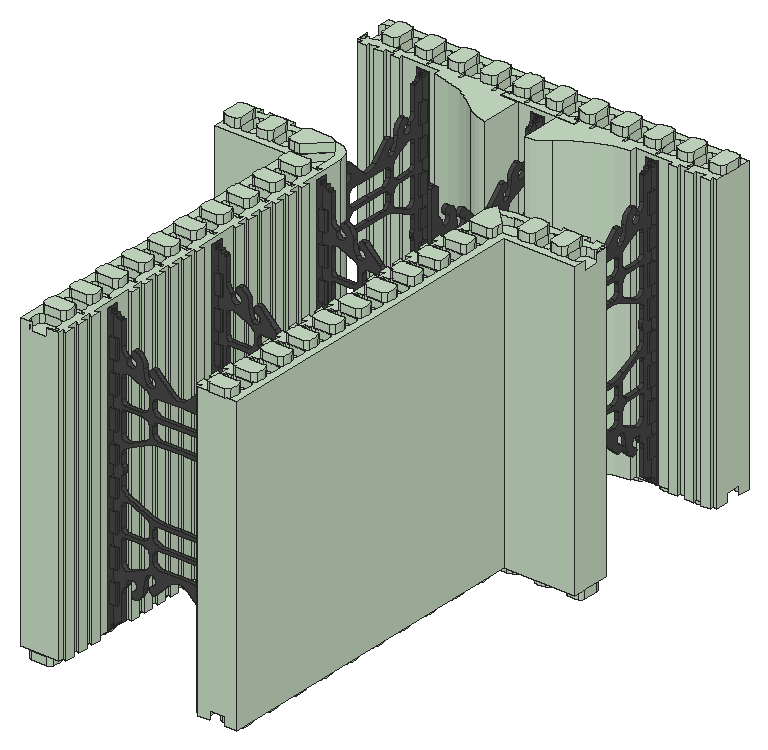
Revit family (continued)
Definition of nested family "8-inch Insert Web"
  Forms (in)
    Extrusion 2, solid, material "High Density Polystyrene"
      sketch origin (0, 0, 0) x (0, 1, 0) y (0, 0, 1)
        loop
          arc (4.18889, 17.40785) -> (4.20374, 17.40241) -> (4.21, 17.38789) r 0.02
          line (4.21, 17.38789) -> (4.21, 17.63668)
          arc (4.21, 17.63668) -> (4.20585, 17.62147) -> (4.19457, 17.61045) r 0.03
          line (4.19457, 17.61045) -> (4.12543, 17.57204)
          arc (4.12543, 17.57204) -> (4.11414, 17.56103) -> (4.11, 17.54582) r 0.03
          line (4.11, 17.54582) -> (4.11, 17.42461)
          arc (4.11, 17.42461) -> (4.11625, 17.41008) -> (4.13111, 17.40464) r 0.02
          line (4.13111, 17.40464) -> (4.18889, 17.40785)
        loop
          line (-4.12543, 17.57204) -> (-4.19457, 17.61045)
          arc (-4.19457, 17.61045) -> (-4.20585, 17.62147) -> (-4.21, 17.63668) r 0.03
          line (-4.21, 17.63668) -> (-4.21, 17.38789)
          arc (-4.21, 17.38789) -> (-4.20374, 17.40241) -> (-4.18889, 17.40785) r 0.02
          line (-4.18889, 17.40785) -> (-4.13111, 17.40464)
          arc (-4.13111, 17.40464) -> (-4.11625, 17.41008) -> (-4.11, 17.42461) r 0.02
          line (-4.11, 17.42461) -> (-4.11, 17.54582)
          arc (-4.11, 17.54582) -> (-4.11414, 17.56103) -> (-4.12543, 17.57204) r 0.03
        loop
          line (4.18889, 0.33798) -> (4.13111, 0.34119)
          arc (4.13111, 0.34119) -> (4.11625, 0.33575) -> (4.11, 0.32122) r 0.02
          line (4.11, 0.32122) -> (4.11, 0.20001)
          arc (4.11, 0.20001) -> (4.11414, 0.1848) -> (4.12543, 0.17379) r 0.03
          line (4.12543, 0.17379) -> (4.19457, 0.13538)
          arc (4.19457, 0.13538) -> (4.20585, 0.12437) -> (4.21, 0.10915) r 0.03
          line (4.21, 0.10915) -> (4.21, 0.35795)
          arc (4.21, 0.35795) -> (4.20374, 0.34342) -> (4.18889, 0.33798) r 0.02
        loop
          arc (-4.12543, 0.17379) -> (-4.11414, 0.1848) -> (-4.11, 0.20001) r 0.03
          line (-4.11, 0.20001) -> (-4.11, 0.32122)
          arc (-4.11, 0.32122) -> (-4.11625, 0.33575) -> (-4.13111, 0.34119) r 0.02
          line (-4.13111, 0.34119) -> (-4.18889, 0.33798)
          arc (-4.18889, 0.33798) -> (-4.20374, 0.34342) -> (-4.21, 0.35795) r 0.02
          line (-4.21, 0.35795) -> (-4.21, 0.10915)
          arc (-4.21, 0.10915) -> (-4.20585, 0.12437) -> (-4.19457, 0.13538) r 0.03
          line (-4.19457, 0.13538) -> (-4.12543, 0.17379)
        loop
          line (4, 17.20772) -> (3.925, 17.43772)
          arc (3.925, 17.43772) -> (3.875, 17.46772) -> (3.825, 17.43772) r 0.05667
          line (3.825, 17.43772) -> (3.77609, 17.28772) -> (3.64893, 17.28772)
          arc (3.64893, 17.28772) -> (3.61433, 17.27339) -> (3.6, 17.2388) r 0.04893
          line (3.6, 17.2388) -> (3.6, 17.20772) -> (3.5, 17.20772) -> (3.5, 15.75595)
          arc (3.5, 15.75595) -> (3.43087, 15.489) -> (3.24086, 15.28915) r 0.55
          arc (3.24086, 15.28915) -> (3.19232, 15.23289) -> (3.1843, 15.15901) r 0.125
          arc (3.1843, 15.15901) -> (2.73923, 14.83241) -> (2.77171, 15.3835) r 0.305
          arc (2.77171, 15.3835) -> (2.89426, 15.66948) -> (2.60829, 15.79202) r 0.22
          arc (2.60829, 15.79202) -> (2.25428, 15.49683) -> (2.14171, 15.04986) r 0.745
          arc (2.14171, 15.04986) -> (2.09808, 14.63491) -> (1.96932, 14.23805) r 2
          arc (1.96932, 14.23805) -> (1.47025, 14.23431) -> (1.63581, 14.70513) r 0.305
          arc (1.63581, 14.70513) -> (1.78874, 15.03658) -> (1.43743, 15.1357) r 0.24
          line (1.43743, 15.1357) -> (0.53033, 14.22861)
          arc (0.53033, 14.22861) -> (0, 14.00894) -> (-0.53033, 14.22861) r 0.75
          line (-0.53033, 14.22861) -> (-1.43743, 15.1357)
          arc (-1.43743, 15.1357) -> (-1.78874, 15.03658) -> (-1.63581, 14.70513) r 0.24
          arc (-1.63581, 14.70513) -> (-1.47025, 14.23431) -> (-1.96932, 14.23805) r 0.305
          arc (-1.96932, 14.23805) -> (-2.09808, 14.63491) -> (-2.14171, 15.04986) r 2
          arc (-2.14171, 15.04986) -> (-2.25428, 15.49683) -> (-2.60829, 15.79202) r 0.745
          arc (-2.60829, 15.79202) -> (-2.89426, 15.66948) -> (-2.77171, 15.3835) r 0.22
          arc (-2.77171, 15.3835) -> (-2.73923, 14.83241) -> (-3.1843, 15.15901) r 0.305
          arc (-3.1843, 15.15901) -> (-3.19232, 15.23289) -> (-3.24086, 15.28915) r 0.125
          arc (-3.24086, 15.28915) -> (-3.43087, 15.489) -> (-3.5, 15.75595) r 0.55
          line (-3.5, 15.75595) -> (-3.5, 17.20772) -> (-3.6, 17.20772) -> (-3.6, 17.2388)
          arc (-3.6, 17.2388) -> (-3.61433, 17.27339) -> (-3.64893, 17.28772) r 0.04893
          line (-3.64893, 17.28772) -> (-3.77609, 17.28772) -> (-3.825, 17.43772)
          arc (-3.825, 17.43772) -> (-3.875, 17.46772) -> (-3.925, 17.43772) r 0.05667
          line (-3.925, 17.43772) -> (-4, 17.20772) -> (-4, 0.66519) -> (-3.925, 0.43519)
          arc (-3.925, 0.43519) -> (-3.875, 0.40519) -> (-3.825, 0.43519) r 0.05667
          line (-3.825, 0.43519) -> (-3.77609, 0.58519) -> (-3.64893, 0.58519)
          arc (-3.64893, 0.58519) -> (-3.61433, 0.59952) -> (-3.6, 0.63412) r 0.04893
          line (-3.6, 0.63412) -> (-3.6, 0.66519) -> (-3.5, 0.66519) -> (-3.5, 2.24405)
          arc (-3.5, 2.24405) -> (-3.43087, 2.511) -> (-3.24086, 2.71085) r 0.55
          arc (-3.24086, 2.71085) -> (-3.19232, 2.76711) -> (-3.1843, 2.84099) r 0.125
          arc (-3.1843, 2.84099) -> (-2.73923, 3.16759) -> (-2.77171, 2.6165) r 0.305
          arc (-2.77171, 2.6165) -> (-2.89426, 2.33052) -> (-2.60829, 2.20798) r 0.22
          arc (-2.60829, 2.20798) -> (-2.25428, 2.50317) -> (-2.14171, 2.95014) r 0.745
          arc (-2.14171, 2.95014) -> (-2.09808, 3.36509) -> (-1.96932, 3.76195) r 2
          arc (-1.96932, 3.76195) -> (-1.47025, 3.76569) -> (-1.63581, 3.29487) r 0.305
          arc (-1.63581, 3.29487) -> (-1.78874, 2.96342) -> (-1.43743, 2.8643) r 0.24
          line (-1.43743, 2.8643) -> (-0.53033, 3.77139)
          arc (-0.53033, 3.77139) -> (0, 3.99106) -> (0.53033, 3.77139) r 0.75
          line (0.53033, 3.77139) -> (1.43743, 2.8643)
          arc (1.43743, 2.8643) -> (1.78874, 2.96342) -> (1.63581, 3.29487) r 0.24
          arc (1.63581, 3.29487) -> (1.47025, 3.76569) -> (1.96932, 3.76195) r 0.305
          arc (1.96932, 3.76195) -> (2.09808, 3.36509) -> (2.14171, 2.95014) r 2
          arc (2.14171, 2.95014) -> (2.25428, 2.50317) -> (2.60829, 2.20798) r 0.745
          arc (2.60829, 2.20798) -> (2.89426, 2.33052) -> (2.77171, 2.6165) r 0.22
          arc (2.77171, 2.6165) -> (2.73923, 3.16759) -> (3.1843, 2.84099) r 0.305
          arc (3.1843, 2.84099) -> (3.19232, 2.76711) -> (3.24086, 2.71085) r 0.125
          arc (3.24086, 2.71085) -> (3.43087, 2.511) -> (3.5, 2.24405) r 0.55
          line (3.5, 2.24405) -> (3.5, 0.66519) -> (3.6, 0.66519) -> (3.6, 0.63412)
          arc (3.6, 0.63412) -> (3.61433, 0.59952) -> (3.64893, 0.58519) r 0.04893
          line (3.64893, 0.58519) -> (3.77609, 0.58519) -> (3.825, 0.43519)
          arc (3.825, 0.43519) -> (3.875, 0.40519) -> (3.925, 0.43519) r 0.05667
          line (3.925, 0.43519) -> (4, 0.66519) -> (4, 17.20772)
        loop
          line (2.96605, 14.38264) -> (2.08806, 13.97174)
          arc (2.08806, 13.97174) -> (1.87812, 13.78724) -> (1.8, 13.51888) r 0.5
          line (1.8, 13.51888) -> (1.8, 13.10798)
          arc (1.8, 13.10798) -> (1.94645, 12.75443) -> (2.3, 12.60798) r 0.5
          line (2.3, 12.60798) -> (3.25, 12.60798)
          arc (3.25, 12.60798) -> (3.42678, 12.6812) -> (3.5, 12.85798) r 0.25
          line (3.5, 12.85798) -> (3.5, 14.04299)
          arc (3.5, 14.04299) -> (3.32627, 14.35941) -> (2.96605, 14.38264) r 0.375
        loop
          line (1.6, 12.98298) -> (1.6, 13.39222)
          arc (1.6, 13.39222) -> (1.48146, 13.58635) -> (1.30123, 13.72512) r 0.62421
          arc (1.30123, 13.72512) -> (1.16288, 13.71227) -> (1.02401, 13.70798) r 2.25
          line (1.02401, 13.70798) -> (0, 13.70798) -> (-1.02401, 13.70798)
          arc (-1.02401, 13.70798) -> (-1.16288, 13.71227) -> (-1.30123, 13.72512) r 2.25
          arc (-1.30123, 13.72512) -> (-1.48146, 13.58635) -> (-1.6, 13.39222) r 0.62421
          line (-1.6, 13.39222) -> (-1.6, 12.98298)
          arc (-1.6, 12.98298) -> (-1.45481, 12.75317) -> (-1.225, 12.60798) r 0.61747
          line (-1.225, 12.60798) -> (0, 12.60798) -> (1.225, 12.60798)
          arc (1.225, 12.60798) -> (1.45481, 12.75317) -> (1.6, 12.98298) r 0.61747
        loop
          line (-2.08806, 13.97174) -> (-2.96605, 14.38264)
          arc (-2.96605, 14.38264) -> (-3.32627, 14.35941) -> (-3.5, 14.04299) r 0.375
          line (-3.5, 14.04299) -> (-3.5, 12.85798)
          arc (-3.5, 12.85798) -> (-3.42678, 12.6812) -> (-3.25, 12.60798) r 0.25
          line (-3.25, 12.60798) -> (-2.3, 12.60798)
          arc (-2.3, 12.60798) -> (-1.94645, 12.75443) -> (-1.8, 13.10798) r 0.5
          line (-1.8, 13.10798) -> (-1.8, 13.41478) -> (-1.8, 13.51888)
          arc (-1.8, 13.51888) -> (-1.87812, 13.78724) -> (-2.08806, 13.97174) r 0.5
        loop
          arc (2.96605, 10.65332) -> (3.32627, 10.67655) -> (3.5, 10.99296) r 0.375
          line (3.5, 10.99296) -> (3.5, 12.17798)
          arc (3.5, 12.17798) -> (3.42678, 12.35476) -> (3.25, 12.42798) r 0.25
          line (3.25, 12.42798) -> (2.3, 12.42798)
          arc (2.3, 12.42798) -> (1.94645, 12.28153) -> (1.8, 11.92798) r 0.5
          line (1.8, 11.92798) -> (1.8, 11.51707)
          arc (1.8, 11.51707) -> (1.87812, 11.24872) -> (2.08806, 11.06421) r 0.5
          line (2.08806, 11.06421) -> (2.96605, 10.65332)
        loop
          arc (1.6, 12.05298) -> (1.45481, 12.28279) -> (1.225, 12.42798) r 0.61747
          line (1.225, 12.42798) -> (0, 12.42798) -> (-1.225, 12.42798)
          arc (-1.225, 12.42798) -> (-1.45481, 12.28279) -> (-1.6, 12.05298) r 0.61747
          line (-1.6, 12.05298) -> (-1.6, 11.64374)
          arc (-1.6, 11.64374) -> (-1.48146, 11.4496) -> (-1.30123, 11.31084) r 0.62421
          arc (-1.30123, 11.31084) -> (-1.16288, 11.32369) -> (-1.02401, 11.32798) r 2.25
          line (-1.02401, 11.32798) -> (0, 11.32798) -> (1.02401, 11.32798)
          arc (1.02401, 11.32798) -> (1.16288, 11.32369) -> (1.30123, 11.31084) r 2.25
          arc (1.30123, 11.31084) -> (1.48146, 11.4496) -> (1.6, 11.64374) r 0.62421
          line (1.6, 11.64374) -> (1.6, 12.05298)
        loop
          arc (-2.08806, 11.06421) -> (-1.87812, 11.24872) -> (-1.8, 11.51707) r 0.5
          line (-1.8, 11.51707) -> (-1.8, 11.62118) -> (-1.8, 11.92798)
          arc (-1.8, 11.92798) -> (-1.94645, 12.28153) -> (-2.3, 12.42798) r 0.5
          line (-2.3, 12.42798) -> (-3.25, 12.42798)
          arc (-3.25, 12.42798) -> (-3.42678, 12.35476) -> (-3.5, 12.17798) r 0.25
          line (-3.5, 12.17798) -> (-3.5, 10.99296)
          arc (-3.5, 10.99296) -> (-3.32627, 10.67655) -> (-2.96605, 10.65332) r 0.375
          line (-2.96605, 10.65332) -> (-2.08806, 11.06421)
        loop
          line (3.21194, 10.33912) -> (1.95372, 10.92796)
          arc (1.95372, 10.92796) -> (1.48851, 11.08642) -> (1, 11.14009) r 2.25
          line (1, 11.14009) -> (0, 11.14009) -> (-1, 11.14009)
          arc (-1, 11.14009) -> (-1.48851, 11.08642) -> (-1.95372, 10.92796) r 2.25
          line (-1.95372, 10.92796) -> (-3.21194, 10.33912)
          arc (-3.21194, 10.33912) -> (-3.42188, 10.15462) -> (-3.5, 9.88626) r 0.5
          line (-3.5, 9.88626) -> (-3.5, 9.31235) -> (-3.38, 9.11235) -> (-3.38, 9) -> (-3.38, 8.88765) -> (-3.5, 8.68765) -> (-3.5, 8.11374)
          arc (-3.5, 8.11374) -> (-3.42188, 7.84538) -> (-3.21194, 7.66088) r 0.5
          line (-3.21194, 7.66088) -> (-1.95372, 7.07204)
          arc (-1.95372, 7.07204) -> (-1.48851, 6.91358) -> (-1, 6.85991) r 2.25
          line (-1, 6.85991) -> (0, 6.85991) -> (1, 6.85991)
          arc (1, 6.85991) -> (1.48851, 6.91358) -> (1.95372, 7.07204) r 2.25
          line (1.95372, 7.07204) -> (3.21194, 7.66088)
          arc (3.21194, 7.66088) -> (3.42188, 7.84538) -> (3.5, 8.11374) r 0.5
          line (3.5, 8.11374) -> (3.5, 8.68765) -> (3.38, 8.88765) -> (3.38, 9) -> (3.38, 9.11235) -> (3.5, 9.31235) -> (3.5, 9.88626)
          arc (3.5, 9.88626) -> (3.42188, 10.15462) -> (3.21194, 10.33912) r 0.5
        loop
          arc (2.96605, 3.61736) -> (3.32627, 3.64059) -> (3.5, 3.95701) r 0.375
          line (3.5, 3.95701) -> (3.5, 5.14202)
          arc (3.5, 5.14202) -> (3.42678, 5.3188) -> (3.25, 5.39202) r 0.25
          line (3.25, 5.39202) -> (2.3, 5.39202)
          arc (2.3, 5.39202) -> (1.94645, 5.24557) -> (1.8, 4.89202) r 0.5
          line (1.8, 4.89202) -> (1.8, 4.48112)
          arc (1.8, 4.48112) -> (1.87812, 4.21276) -> (2.08806, 4.02826) r 0.5
          line (2.08806, 4.02826) -> (2.96605, 3.61736)
        loop
          arc (1.6, 5.01702) -> (1.45481, 5.24683) -> (1.225, 5.39202) r 0.61747
          line (1.225, 5.39202) -> (0, 5.39202) -> (-1.225, 5.39202)
          arc (-1.225, 5.39202) -> (-1.45481, 5.24683) -> (-1.6, 5.01702) r 0.61747
          line (-1.6, 5.01702) -> (-1.6, 4.60778)
          arc (-1.6, 4.60778) -> (-1.48146, 4.41365) -> (-1.30123, 4.27488) r 0.62421
          arc (-1.30123, 4.27488) -> (-1.16288, 4.28773) -> (-1.02401, 4.29202) r 2.25
          line (-1.02401, 4.29202) -> (0, 4.29202) -> (1.02401, 4.29202)
          arc (1.02401, 4.29202) -> (1.16288, 4.28773) -> (1.30123, 4.27488) r 2.25
          arc (1.30123, 4.27488) -> (1.48146, 4.41365) -> (1.6, 4.60778) r 0.62421
          line (1.6, 4.60778) -> (1.6, 5.01702)
        loop
          arc (-2.08806, 4.02826) -> (-1.87812, 4.21276) -> (-1.8, 4.48112) r 0.5
          line (-1.8, 4.48112) -> (-1.8, 4.58522) -> (-1.8, 4.89202)
          arc (-1.8, 4.89202) -> (-1.94645, 5.24557) -> (-2.3, 5.39202) r 0.5
          line (-2.3, 5.39202) -> (-3.25, 5.39202)
          arc (-3.25, 5.39202) -> (-3.42678, 5.3188) -> (-3.5, 5.14202) r 0.25
          line (-3.5, 5.14202) -> (-3.5, 3.95701)
          arc (-3.5, 3.95701) -> (-3.32627, 3.64059) -> (-2.96605, 3.61736) r 0.375
          line (-2.96605, 3.61736) -> (-2.08806, 4.02826)
        loop
          line (2.96605, 7.34668) -> (2.08806, 6.93579)
          arc (2.08806, 6.93579) -> (1.87812, 6.75128) -> (1.8, 6.48293) r 0.5
          line (1.8, 6.48293) -> (1.8, 6.07202)
          arc (1.8, 6.07202) -> (1.94645, 5.71847) -> (2.3, 5.57202) r 0.5
          line (2.3, 5.57202) -> (3.25, 5.57202)
          arc (3.25, 5.57202) -> (3.42678, 5.64524) -> (3.5, 5.82202) r 0.25
          line (3.5, 5.82202) -> (3.5, 7.00704)
          arc (3.5, 7.00704) -> (3.32627, 7.32345) -> (2.96605, 7.34668) r 0.375
        loop
          line (1.6, 5.94702) -> (1.6, 6.35626)
          arc (1.6, 6.35626) -> (1.48146, 6.5504) -> (1.30123, 6.68916) r 0.62421
          arc (1.30123, 6.68916) -> (1.16288, 6.67631) -> (1.02401, 6.67202) r 2.25
          line (1.02401, 6.67202) -> (0, 6.67202) -> (-1.02401, 6.67202)
          arc (-1.02401, 6.67202) -> (-1.16288, 6.67631) -> (-1.30123, 6.68916) r 2.25
          arc (-1.30123, 6.68916) -> (-1.48146, 6.5504) -> (-1.6, 6.35626) r 0.62421
          line (-1.6, 6.35626) -> (-1.6, 5.94702)
          arc (-1.6, 5.94702) -> (-1.45481, 5.71721) -> (-1.225, 5.57202) r 0.61747
          line (-1.225, 5.57202) -> (0, 5.57202) -> (1.225, 5.57202)
          arc (1.225, 5.57202) -> (1.45481, 5.71721) -> (1.6, 5.94702) r 0.61747
        loop
          line (-2.08806, 6.93579) -> (-2.96605, 7.34668)
          arc (-2.96605, 7.34668) -> (-3.32627, 7.32345) -> (-3.5, 7.00704) r 0.375
          line (-3.5, 7.00704) -> (-3.5, 5.82202)
          arc (-3.5, 5.82202) -> (-3.42678, 5.64524) -> (-3.25, 5.57202) r 0.25
          line (-3.25, 5.57202) -> (-2.3, 5.57202)
          arc (-2.3, 5.57202) -> (-1.94645, 5.71847) -> (-1.8, 6.07202) r 0.5
          line (-1.8, 6.07202) -> (-1.8, 6.37882) -> (-1.8, 6.48293)
          arc (-1.8, 6.48293) -> (-1.87812, 6.75128) -> (-2.08806, 6.93579) r 0.5
      from 0.125 to -0.125
    Extrusion 3, solid, material "High Density Polystyrene"
      sketch origin (0, 0, 0) x (0, 1, 0) y (0, 0, 1)
        loop
          line (4.21, 16.17792) -> (3.71, 16.17792) -> (3.71, 14.97792) -> (4.21, 14.97792) -> (4.21, 16.17792)
        loop
          line (4.21, 14.22792) -> (3.71, 14.22792) -> (3.71, 13.02792) -> (4.21, 13.02792) -> (4.21, 14.22792)
        loop
          line (4.21, 12.27792) -> (3.71, 12.27792) -> (3.71, 11.07792) -> (4.21, 11.07792) -> (4.21, 12.27792)
        loop
          line (4.21, 10.32792) -> (3.71, 10.32792) -> (3.71, 9.24792) -> (4.21, 9.24792) -> (4.21, 10.32792)
        loop
          line (4.21, 8.49792) -> (3.71, 8.49792) -> (3.71, 7.41792) -> (4.21, 7.41792) -> (4.21, 8.49792)
        loop
          line (4.21, 6.66792) -> (3.71, 6.66792) -> (3.71, 5.46792) -> (4.21, 5.46792) -> (4.21, 6.66792)
        loop
          line (4.21, 4.71792) -> (3.71, 4.71792) -> (3.71, 3.51792) -> (4.21, 3.51792) -> (4.21, 4.71792)
        loop
          line (4.21, 2.76792) -> (3.71, 2.76792) -> (3.71, 1.56792) -> (4.21, 1.56792) -> (4.21, 2.76792)
        loop
          line (-4.21, 16.17792) -> (-4.21, 14.97792) -> (-3.71, 14.97792) -> (-3.71, 16.17792) -> (-4.21, 16.17792)
        loop
          line (-4.21, 14.22792) -> (-4.21, 13.02792) -> (-3.71, 13.02792) -> (-3.71, 14.22792) -> (-4.21, 14.22792)
        loop
          line (-4.21, 12.27792) -> (-4.21, 11.07792) -> (-3.71, 11.07792) -> (-3.71, 12.27792) -> (-4.21, 12.27792)
        loop
          line (-4.21, 10.32792) -> (-4.21, 9.24792) -> (-3.71, 9.24792) -> (-3.71, 10.32792) -> (-4.21, 10.32792)
        loop
          line (-4.21, 8.49792) -> (-4.21, 7.41792) -> (-3.71, 7.41792) -> (-3.71, 8.49792) -> (-4.21, 8.49792)
        loop
          line (-4.21, 6.66792) -> (-4.21, 5.46792) -> (-3.71, 5.46792) -> (-3.71, 6.66792) -> (-4.21, 6.66792)
        loop
          line (-4.21, 4.71792) -> (-4.21, 3.51792) -> (-3.71, 3.51792) -> (-3.71, 4.71792) -> (-4.21, 4.71792)
        loop
          line (-4.21, 2.76792) -> (-4.21, 1.56792) -> (-3.71, 1.56792) -> (-3.71, 2.76792) -> (-4.21, 2.76792)
      from 0.25 to -0.25
    Extrusion 4, void
      sketch origin (0, 1, 0) x (1, 0, 0) y (0, 1, 0)
        loop
          line (-0.25, 2.79249) -> (-0.25, 2.71) -> (-0.1675, 2.71)
          arc (-0.1675, 2.71) -> (-0.22584, 2.73416) -> (-0.25, 2.79249) r 0.0825
      from 0 to 18
    Extrusion 5, void
      sketch origin (0, 1, 0) x (-1, 0, 0) y (0, -1, 0)
        loop
          arc (-0.25, -2.79249) -> (-0.22584, -2.73416) -> (-0.1675, -2.71) r 0.0825
          line (-0.1675, -2.71) -> (-0.25, -2.71) -> (-0.25, -2.79249)
      from 0 to 18
    Extrusion 6, void
      sketch origin (0, -1, 0) x (1, 0, 0) y (0, 1, 0)
        loop
          arc (-0.25, -2.79249) -> (-0.22584, -2.73416) -> (-0.1675, -2.71) r 0.0825
          line (-0.1675, -2.71) -> (-0.25, -2.71) -> (-0.25, -2.79249)
      from 0 to 18
    Extrusion 7, void
      sketch origin (0, -1, 0) x (-1, 0, 0) y (0, -1, 0)
        loop
          line (-0.25, 2.79249) -> (-0.25, 2.71) -> (-0.1675, 2.71)
          arc (-0.1675, 2.71) -> (-0.22584, 2.73416) -> (-0.25, 2.79249) r 0.0825
      from 0 to 18
  Cuts and joins
    Extrusion 4, Extrusion 5, Extrusion 6, Extrusion 7 cuts Extrusion 1
    Extrusion 4, Extrusion 5, Extrusion 6, Extrusion 7 cuts Extrusion 3
Definition of nested family "8-inch Insert Web w One Fastening Strip"
  Reference planes (in)
    plane 1 "Center (Front/Back)": y = 0
    plane 2: z = 0
    plane 3 "Center (Left/Right)": x = 0
  Forms (in)
    Extrusion 1, solid, material "High Density Polystyrene"
      sketch origin (0, 0, 0) x (0, 1, 0) y (0, 0, 1)
        loop
          arc (-4.25, 0) -> (-4.22112, 0.01975) -> (-4.21, 0.05292) r 0.055
          line (-4.21, 0.05292) -> (-4.21, 17.69292)
          arc (-4.21, 17.69292) -> (-4.22112, 17.72608) -> (-4.25, 17.74583) r 0.055
          line (-4.25, 17.74583) -> (-4.25, 0)
      from 0.36328 to -0.36328
    Extrusion 2, solid, material "High Density Polystyrene"
      sketch origin (0, 0, 0) x (0, 1, 0) y (0, 0, 1)
        loop
          line (-4.12543, 17.57204) -> (-4.19457, 17.61045)
          arc (-4.19457, 17.61045) -> (-4.20585, 17.62147) -> (-4.21, 17.63668) r 0.03
          line (-4.21, 17.63668) -> (-4.21, 17.38789)
          arc (-4.21, 17.38789) -> (-4.20374, 17.40241) -> (-4.18889, 17.40785) r 0.02
          line (-4.18889, 17.40785) -> (-4.13111, 17.40464)
          arc (-4.13111, 17.40464) -> (-4.11625, 17.41008) -> (-4.11, 17.42461) r 0.02
          line (-4.11, 17.42461) -> (-4.11, 17.54582)
          arc (-4.11, 17.54582) -> (-4.11414, 17.56103) -> (-4.12543, 17.57204) r 0.03
        loop
          arc (-4.12543, 0.17379) -> (-4.11414, 0.1848) -> (-4.11, 0.20001) r 0.03
          line (-4.11, 0.20001) -> (-4.11, 0.32122)
          arc (-4.11, 0.32122) -> (-4.11625, 0.33575) -> (-4.13111, 0.34119) r 0.02
          line (-4.13111, 0.34119) -> (-4.18889, 0.33798)
          arc (-4.18889, 0.33798) -> (-4.20374, 0.34342) -> (-4.21, 0.35795) r 0.02
          line (-4.21, 0.35795) -> (-4.21, 0.10915)
          arc (-4.21, 0.10915) -> (-4.20585, 0.12437) -> (-4.19457, 0.13538) r 0.03
          line (-4.19457, 0.13538) -> (-4.12543, 0.17379)
        loop
          line (4, 17.20772) -> (3.925, 17.43772)
          arc (3.925, 17.43772) -> (3.875, 17.46772) -> (3.825, 17.43772) r 0.05667
          line (3.825, 17.43772) -> (3.77609, 17.28772) -> (3.64893, 17.28772)
          arc (3.64893, 17.28772) -> (3.61433, 17.27339) -> (3.6, 17.2388) r 0.04893
          line (3.6, 17.2388) -> (3.6, 17.20772) -> (3.5, 17.20772) -> (3.5, 15.75595)
          arc (3.5, 15.75595) -> (3.43087, 15.489) -> (3.24086, 15.28915) r 0.55
          arc (3.24086, 15.28915) -> (3.19232, 15.23289) -> (3.1843, 15.15901) r 0.125
          arc (3.1843, 15.15901) -> (2.73923, 14.83241) -> (2.77171, 15.3835) r 0.305
          arc (2.77171, 15.3835) -> (2.89426, 15.66948) -> (2.60829, 15.79202) r 0.22
          arc (2.60829, 15.79202) -> (2.25428, 15.49683) -> (2.14171, 15.04986) r 0.745
          arc (2.14171, 15.04986) -> (2.09808, 14.63491) -> (1.96932, 14.23805) r 2
          arc (1.96932, 14.23805) -> (1.47025, 14.23431) -> (1.63581, 14.70513) r 0.305
          arc (1.63581, 14.70513) -> (1.78874, 15.03658) -> (1.43743, 15.1357) r 0.24
          line (1.43743, 15.1357) -> (0.53033, 14.22861)
          arc (0.53033, 14.22861) -> (0, 14.00894) -> (-0.53033, 14.22861) r 0.75
          line (-0.53033, 14.22861) -> (-1.43743, 15.1357)
          arc (-1.43743, 15.1357) -> (-1.78874, 15.03658) -> (-1.63581, 14.70513) r 0.24
          arc (-1.63581, 14.70513) -> (-1.47025, 14.23431) -> (-1.96932, 14.23805) r 0.305
          arc (-1.96932, 14.23805) -> (-2.09808, 14.63491) -> (-2.14171, 15.04986) r 2
          arc (-2.14171, 15.04986) -> (-2.25428, 15.49683) -> (-2.60829, 15.79202) r 0.745
          arc (-2.60829, 15.79202) -> (-2.89426, 15.66948) -> (-2.77171, 15.3835) r 0.22
          arc (-2.77171, 15.3835) -> (-2.73923, 14.83241) -> (-3.1843, 15.15901) r 0.305
          arc (-3.1843, 15.15901) -> (-3.19232, 15.23289) -> (-3.24086, 15.28915) r 0.125
          arc (-3.24086, 15.28915) -> (-3.43087, 15.489) -> (-3.5, 15.75595) r 0.55
          line (-3.5, 15.75595) -> (-3.5, 17.20772) -> (-3.6, 17.20772) -> (-3.6, 17.2388)
          arc (-3.6, 17.2388) -> (-3.61433, 17.27339) -> (-3.64893, 17.28772) r 0.04893
          line (-3.64893, 17.28772) -> (-3.77609, 17.28772) -> (-3.825, 17.43772)
          arc (-3.825, 17.43772) -> (-3.875, 17.46772) -> (-3.925, 17.43772) r 0.05667
          line (-3.925, 17.43772) -> (-4, 17.20772) -> (-4, 0.66519) -> (-3.925, 0.43519)
          arc (-3.925, 0.43519) -> (-3.875, 0.40519) -> (-3.825, 0.43519) r 0.05667
          line (-3.825, 0.43519) -> (-3.77609, 0.58519) -> (-3.64893, 0.58519)
          arc (-3.64893, 0.58519) -> (-3.61433, 0.59952) -> (-3.6, 0.63412) r 0.04893
          line (-3.6, 0.63412) -> (-3.6, 0.66519) -> (-3.5, 0.66519) -> (-3.5, 2.24405)
          arc (-3.5, 2.24405) -> (-3.43087, 2.511) -> (-3.24086, 2.71085) r 0.55
          arc (-3.24086, 2.71085) -> (-3.19232, 2.76711) -> (-3.1843, 2.84099) r 0.125
          arc (-3.1843, 2.84099) -> (-2.73923, 3.16759) -> (-2.77171, 2.6165) r 0.305
          arc (-2.77171, 2.6165) -> (-2.89426, 2.33052) -> (-2.60829, 2.20798) r 0.22
          arc (-2.60829, 2.20798) -> (-2.25428, 2.50317) -> (-2.14171, 2.95014) r 0.745
          arc (-2.14171, 2.95014) -> (-2.09808, 3.36509) -> (-1.96932, 3.76195) r 2
          arc (-1.96932, 3.76195) -> (-1.47025, 3.76569) -> (-1.63581, 3.29487) r 0.305
          arc (-1.63581, 3.29487) -> (-1.78874, 2.96342) -> (-1.43743, 2.8643) r 0.24
          line (-1.43743, 2.8643) -> (-0.53033, 3.77139)
          arc (-0.53033, 3.77139) -> (0, 3.99106) -> (0.53033, 3.77139) r 0.75
          line (0.53033, 3.77139) -> (1.43743, 2.8643)
          arc (1.43743, 2.8643) -> (1.78874, 2.96342) -> (1.63581, 3.29487) r 0.24
          arc (1.63581, 3.29487) -> (1.47025, 3.76569) -> (1.96932, 3.76195) r 0.305
          arc (1.96932, 3.76195) -> (2.09808, 3.36509) -> (2.14171, 2.95014) r 2
          arc (2.14171, 2.95014) -> (2.25428, 2.50317) -> (2.60829, 2.20798) r 0.745
          arc (2.60829, 2.20798) -> (2.89426, 2.33052) -> (2.77171, 2.6165) r 0.22
          arc (2.77171, 2.6165) -> (2.73923, 3.16759) -> (3.1843, 2.84099) r 0.305
          arc (3.1843, 2.84099) -> (3.19232, 2.76711) -> (3.24086, 2.71085) r 0.125
          arc (3.24086, 2.71085) -> (3.43087, 2.511) -> (3.5, 2.24405) r 0.55
          line (3.5, 2.24405) -> (3.5, 0.66519) -> (3.6, 0.66519) -> (3.6, 0.63412)
          arc (3.6, 0.63412) -> (3.61433, 0.59952) -> (3.64893, 0.58519) r 0.04893
          line (3.64893, 0.58519) -> (3.77609, 0.58519) -> (3.825, 0.43519)
          arc (3.825, 0.43519) -> (3.875, 0.40519) -> (3.925, 0.43519) r 0.05667
          line (3.925, 0.43519) -> (4, 0.66519) -> (4, 17.20772)
        loop
          line (2.96605, 14.38264) -> (2.08806, 13.97174)
          arc (2.08806, 13.97174) -> (1.87812, 13.78724) -> (1.8, 13.51888) r 0.5
          line (1.8, 13.51888) -> (1.8, 13.10798)
          arc (1.8, 13.10798) -> (1.94645, 12.75443) -> (2.3, 12.60798) r 0.5
          line (2.3, 12.60798) -> (3.25, 12.60798)
          arc (3.25, 12.60798) -> (3.42678, 12.6812) -> (3.5, 12.85798) r 0.25
          line (3.5, 12.85798) -> (3.5, 14.04299)
          arc (3.5, 14.04299) -> (3.32627, 14.35941) -> (2.96605, 14.38264) r 0.375
        loop
          line (1.6, 12.98298) -> (1.6, 13.39222)
          arc (1.6, 13.39222) -> (1.48146, 13.58635) -> (1.30123, 13.72512) r 0.62421
          arc (1.30123, 13.72512) -> (1.16288, 13.71227) -> (1.02401, 13.70798) r 2.25
          line (1.02401, 13.70798) -> (0, 13.70798) -> (-1.02401, 13.70798)
          arc (-1.02401, 13.70798) -> (-1.16288, 13.71227) -> (-1.30123, 13.72512) r 2.25
          arc (-1.30123, 13.72512) -> (-1.48146, 13.58635) -> (-1.6, 13.39222) r 0.62421
          line (-1.6, 13.39222) -> (-1.6, 12.98298)
          arc (-1.6, 12.98298) -> (-1.45481, 12.75317) -> (-1.225, 12.60798) r 0.61747
          line (-1.225, 12.60798) -> (0, 12.60798) -> (1.225, 12.60798)
          arc (1.225, 12.60798) -> (1.45481, 12.75317) -> (1.6, 12.98298) r 0.61747
        loop
          line (-2.08806, 13.97174) -> (-2.96605, 14.38264)
          arc (-2.96605, 14.38264) -> (-3.32627, 14.35941) -> (-3.5, 14.04299) r 0.375
          line (-3.5, 14.04299) -> (-3.5, 12.85798)
          arc (-3.5, 12.85798) -> (-3.42678, 12.6812) -> (-3.25, 12.60798) r 0.25
          line (-3.25, 12.60798) -> (-2.3, 12.60798)
          arc (-2.3, 12.60798) -> (-1.94645, 12.75443) -> (-1.8, 13.10798) r 0.5
          line (-1.8, 13.10798) -> (-1.8, 13.41478) -> (-1.8, 13.51888)
          arc (-1.8, 13.51888) -> (-1.87812, 13.78724) -> (-2.08806, 13.97174) r 0.5
        loop
          arc (2.96605, 10.65332) -> (3.32627, 10.67655) -> (3.5, 10.99296) r 0.375
          line (3.5, 10.99296) -> (3.5, 12.17798)
          arc (3.5, 12.17798) -> (3.42678, 12.35476) -> (3.25, 12.42798) r 0.25
          line (3.25, 12.42798) -> (2.3, 12.42798)
          arc (2.3, 12.42798) -> (1.94645, 12.28153) -> (1.8, 11.92798) r 0.5
          line (1.8, 11.92798) -> (1.8, 11.51707)
          arc (1.8, 11.51707) -> (1.87812, 11.24872) -> (2.08806, 11.06421) r 0.5
          line (2.08806, 11.06421) -> (2.96605, 10.65332)
        loop
          arc (1.6, 12.05298) -> (1.45481, 12.28279) -> (1.225, 12.42798) r 0.61747
          line (1.225, 12.42798) -> (0, 12.42798) -> (-1.225, 12.42798)
          arc (-1.225, 12.42798) -> (-1.45481, 12.28279) -> (-1.6, 12.05298) r 0.61747
          line (-1.6, 12.05298) -> (-1.6, 11.64374)
          arc (-1.6, 11.64374) -> (-1.48146, 11.4496) -> (-1.30123, 11.31084) r 0.62421
          arc (-1.30123, 11.31084) -> (-1.16288, 11.32369) -> (-1.02401, 11.32798) r 2.25
          line (-1.02401, 11.32798) -> (0, 11.32798) -> (1.02401, 11.32798)
          arc (1.02401, 11.32798) -> (1.16288, 11.32369) -> (1.30123, 11.31084) r 2.25
          arc (1.30123, 11.31084) -> (1.48146, 11.4496) -> (1.6, 11.64374) r 0.62421
          line (1.6, 11.64374) -> (1.6, 12.05298)
        loop
          arc (-2.08806, 11.06421) -> (-1.87812, 11.24872) -> (-1.8, 11.51707) r 0.5
          line (-1.8, 11.51707) -> (-1.8, 11.62118) -> (-1.8, 11.92798)
          arc (-1.8, 11.92798) -> (-1.94645, 12.28153) -> (-2.3, 12.42798) r 0.5
          line (-2.3, 12.42798) -> (-3.25, 12.42798)
          arc (-3.25, 12.42798) -> (-3.42678, 12.35476) -> (-3.5, 12.17798) r 0.25
          line (-3.5, 12.17798) -> (-3.5, 10.99296)
          arc (-3.5, 10.99296) -> (-3.32627, 10.67655) -> (-2.96605, 10.65332) r 0.375
          line (-2.96605, 10.65332) -> (-2.08806, 11.06421)
        loop
          line (3.21194, 10.33912) -> (1.95372, 10.92796)
          arc (1.95372, 10.92796) -> (1.48851, 11.08642) -> (1, 11.14009) r 2.25
          line (1, 11.14009) -> (0, 11.14009) -> (-1, 11.14009)
          arc (-1, 11.14009) -> (-1.48851, 11.08642) -> (-1.95372, 10.92796) r 2.25
          line (-1.95372, 10.92796) -> (-3.21194, 10.33912)
          arc (-3.21194, 10.33912) -> (-3.42188, 10.15462) -> (-3.5, 9.88626) r 0.5
          line (-3.5, 9.88626) -> (-3.5, 9.31235) -> (-3.38, 9.11235) -> (-3.38, 9) -> (-3.38, 8.88765) -> (-3.5, 8.68765) -> (-3.5, 8.11374)
          arc (-3.5, 8.11374) -> (-3.42188, 7.84538) -> (-3.21194, 7.66088) r 0.5
          line (-3.21194, 7.66088) -> (-1.95372, 7.07204)
          arc (-1.95372, 7.07204) -> (-1.48851, 6.91358) -> (-1, 6.85991) r 2.25
          line (-1, 6.85991) -> (0, 6.85991) -> (1, 6.85991)
          arc (1, 6.85991) -> (1.48851, 6.91358) -> (1.95372, 7.07204) r 2.25
          line (1.95372, 7.07204) -> (3.21194, 7.66088)
          arc (3.21194, 7.66088) -> (3.42188, 7.84538) -> (3.5, 8.11374) r 0.5
          line (3.5, 8.11374) -> (3.5, 8.68765) -> (3.38, 8.88765) -> (3.38, 9) -> (3.38, 9.11235) -> (3.5, 9.31235) -> (3.5, 9.88626)
          arc (3.5, 9.88626) -> (3.42188, 10.15462) -> (3.21194, 10.33912) r 0.5
        loop
          arc (2.96605, 3.61736) -> (3.32627, 3.64059) -> (3.5, 3.95701) r 0.375
          line (3.5, 3.95701) -> (3.5, 5.14202)
          arc (3.5, 5.14202) -> (3.42678, 5.3188) -> (3.25, 5.39202) r 0.25
          line (3.25, 5.39202) -> (2.3, 5.39202)
          arc (2.3, 5.39202) -> (1.94645, 5.24557) -> (1.8, 4.89202) r 0.5
          line (1.8, 4.89202) -> (1.8, 4.48112)
          arc (1.8, 4.48112) -> (1.87812, 4.21276) -> (2.08806, 4.02826) r 0.5
          line (2.08806, 4.02826) -> (2.96605, 3.61736)
        loop
          arc (1.6, 5.01702) -> (1.45481, 5.24683) -> (1.225, 5.39202) r 0.61747
          line (1.225, 5.39202) -> (0, 5.39202) -> (-1.225, 5.39202)
          arc (-1.225, 5.39202) -> (-1.45481, 5.24683) -> (-1.6, 5.01702) r 0.61747
          line (-1.6, 5.01702) -> (-1.6, 4.60778)
          arc (-1.6, 4.60778) -> (-1.48146, 4.41365) -> (-1.30123, 4.27488) r 0.62421
          arc (-1.30123, 4.27488) -> (-1.16288, 4.28773) -> (-1.02401, 4.29202) r 2.25
          line (-1.02401, 4.29202) -> (0, 4.29202) -> (1.02401, 4.29202)
          arc (1.02401, 4.29202) -> (1.16288, 4.28773) -> (1.30123, 4.27488) r 2.25
          arc (1.30123, 4.27488) -> (1.48146, 4.41365) -> (1.6, 4.60778) r 0.62421
          line (1.6, 4.60778) -> (1.6, 5.01702)
        loop
          arc (-2.08806, 4.02826) -> (-1.87812, 4.21276) -> (-1.8, 4.48112) r 0.5
          line (-1.8, 4.48112) -> (-1.8, 4.58522) -> (-1.8, 4.89202)
          arc (-1.8, 4.89202) -> (-1.94645, 5.24557) -> (-2.3, 5.39202) r 0.5
          line (-2.3, 5.39202) -> (-3.25, 5.39202)
          arc (-3.25, 5.39202) -> (-3.42678, 5.3188) -> (-3.5, 5.14202) r 0.25
          line (-3.5, 5.14202) -> (-3.5, 3.95701)
          arc (-3.5, 3.95701) -> (-3.32627, 3.64059) -> (-2.96605, 3.61736) r 0.375
          line (-2.96605, 3.61736) -> (-2.08806, 4.02826)
        loop
          line (2.96605, 7.34668) -> (2.08806, 6.93579)
          arc (2.08806, 6.93579) -> (1.87812, 6.75128) -> (1.8, 6.48293) r 0.5
          line (1.8, 6.48293) -> (1.8, 6.07202)
          arc (1.8, 6.07202) -> (1.94645, 5.71847) -> (2.3, 5.57202) r 0.5
          line (2.3, 5.57202) -> (3.25, 5.57202)
          arc (3.25, 5.57202) -> (3.42678, 5.64524) -> (3.5, 5.82202) r 0.25
          line (3.5, 5.82202) -> (3.5, 7.00704)
          arc (3.5, 7.00704) -> (3.32627, 7.32345) -> (2.96605, 7.34668) r 0.375
        loop
          line (1.6, 5.94702) -> (1.6, 6.35626)
          arc (1.6, 6.35626) -> (1.48146, 6.5504) -> (1.30123, 6.68916) r 0.62421
          arc (1.30123, 6.68916) -> (1.16288, 6.67631) -> (1.02401, 6.67202) r 2.25
          line (1.02401, 6.67202) -> (0, 6.67202) -> (-1.02401, 6.67202)
          arc (-1.02401, 6.67202) -> (-1.16288, 6.67631) -> (-1.30123, 6.68916) r 2.25
          arc (-1.30123, 6.68916) -> (-1.48146, 6.5504) -> (-1.6, 6.35626) r 0.62421
          line (-1.6, 6.35626) -> (-1.6, 5.94702)
          arc (-1.6, 5.94702) -> (-1.45481, 5.71721) -> (-1.225, 5.57202) r 0.61747
          line (-1.225, 5.57202) -> (0, 5.57202) -> (1.225, 5.57202)
          arc (1.225, 5.57202) -> (1.45481, 5.71721) -> (1.6, 5.94702) r 0.61747
        loop
          line (-2.08806, 6.93579) -> (-2.96605, 7.34668)
          arc (-2.96605, 7.34668) -> (-3.32627, 7.32345) -> (-3.5, 7.00704) r 0.375
          line (-3.5, 7.00704) -> (-3.5, 5.82202)
          arc (-3.5, 5.82202) -> (-3.42678, 5.64524) -> (-3.25, 5.57202) r 0.25
          line (-3.25, 5.57202) -> (-2.3, 5.57202)
          arc (-2.3, 5.57202) -> (-1.94645, 5.71847) -> (-1.8, 6.07202) r 0.5
          line (-1.8, 6.07202) -> (-1.8, 6.37882) -> (-1.8, 6.48293)
          arc (-1.8, 6.48293) -> (-1.87812, 6.75128) -> (-2.08806, 6.93579) r 0.5
      from 0.125 to -0.125
    Extrusion 3, solid, material "High Density Polystyrene"
      sketch origin (0, 0, 0) x (0, 1, 0) y (0, 0, 1)
        loop
          line (-4.21, 16.17792) -> (-4.21, 14.97792) -> (-3.71, 14.97792) -> (-3.71, 16.17792) -> (-4.21, 16.17792)
        loop
          line (-4.21, 14.22792) -> (-4.21, 13.02792) -> (-3.71, 13.02792) -> (-3.71, 14.22792) -> (-4.21, 14.22792)
        loop
          line (-4.21, 12.27792) -> (-4.21, 11.07792) -> (-3.71, 11.07792) -> (-3.71, 12.27792) -> (-4.21, 12.27792)
        loop
          line (-4.21, 10.32792) -> (-4.21, 9.24792) -> (-3.71, 9.24792) -> (-3.71, 10.32792) -> (-4.21, 10.32792)
        loop
          line (-4.21, 8.49792) -> (-4.21, 7.41792) -> (-3.71, 7.41792) -> (-3.71, 8.49792) -> (-4.21, 8.49792)
        loop
          line (-4.21, 6.66792) -> (-4.21, 5.46792) -> (-3.71, 5.46792) -> (-3.71, 6.66792) -> (-4.21, 6.66792)
        loop
          line (-4.21, 4.71792) -> (-4.21, 3.51792) -> (-3.71, 3.51792) -> (-3.71, 4.71792) -> (-4.21, 4.71792)
        loop
          line (-4.21, 2.76792) -> (-4.21, 1.56792) -> (-3.71, 1.56792) -> (-3.71, 2.76792) -> (-4.21, 2.76792)
      from 0.25 to -0.25
    Extrusion 4, void
      sketch origin (0, -1, 0) x (1, 0, 0) y (0, 1, 0)
        loop
          arc (-0.25, -2.79249) -> (-0.22584, -2.73416) -> (-0.1675, -2.71) r 0.0825
          line (-0.1675, -2.71) -> (-0.25, -2.71) -> (-0.25, -2.79249)
      from 0 to 18
    Extrusion 5, void
      sketch origin (0, -1, 0) x (-1, 0, 0) y (0, -1, 0)
        loop
          line (-0.25, 2.79249) -> (-0.25, 2.71) -> (-0.1675, 2.71)
          arc (-0.1675, 2.71) -> (-0.22584, 2.73416) -> (-0.25, 2.79249) r 0.0825
      from 0 to 18
  Cuts and joins
    Extrusion 4, Extrusion 5 cuts Extrusion 1
    Extrusion 4, Extrusion 5 cuts Extrusion 3
Definition of nested family "NUDURA Diamond Pattern"
  Reference planes (in)
    plane 1 "Center (Front/Back)": y = 0
    plane 2: z = 0
    plane 3 "Center (Left/Right)": x = 0
    plane 4: z = 18
  Lines and regions (in)
    model lines
      curve 1: line (8, -5.625, 18) -> (8, -5.625, 0)
      curve 2: line (6, -5.625, 18) -> (6, -5.625, 0)
      curve 3: line (2, -5.625, 18) -> (2, -5.625, 0)
      curve 4: line (3.35367, -5.625, 16.98484) -> (3.69709, -5.625, 16.64142)
      curve 5: arc (3.35367, -5.625, 17.51517) -> (3.24384, -5.625, 17.25) -> (3.35367, -5.625, 16.98484) r 0.375
      curve 6: line (3.72867, -5.625, 17.89017) -> (3.35367, -5.625, 17.51517)
      curve 7: arc (4.259, -5.625, 17.89017) -> (3.99384, -5.625, 18) -> (3.72867, -5.625, 17.89017) r 0.375
      curve 8: line (4.634, -5.625, 17.51517) -> (4.259, -5.625, 17.89017)
      curve 9: arc (4.634, -5.625, 16.98484) -> (4.74384, -5.625, 17.25) -> (4.634, -5.625, 17.51517) r 0.375
      curve 10: line (4.29059, -5.625, 16.64142) -> (4.634, -5.625, 16.98484)
      curve 11: arc (4.17062, -5.625, 17.80178) -> (3.99384, -5.625, 17.875) -> (3.81706, -5.625, 17.80178) r 0.25
      curve 12: line (4.54562, -5.625, 17.42678) -> (4.17062, -5.625, 17.80178)
      curve 13: arc (4.54562, -5.625, 17.07322) -> (4.61884, -5.625, 17.25) -> (4.54562, -5.625, 17.42678) r 0.25
      curve 14: line (4.17062, -5.625, 16.69822) -> (4.54562, -5.625, 17.07322)
      curve 15: arc (3.81706, -5.625, 16.69822) -> (3.99384, -5.625, 16.625) -> (4.17062, -5.625, 16.69822) r 0.25
      curve 16: line (3.44206, -5.625, 17.07322) -> (3.81706, -5.625, 16.69822)
      curve 17: arc (3.44206, -5.625, 17.42678) -> (3.36884, -5.625, 17.25) -> (3.44206, -5.625, 17.07322) r 0.25
      curve 18: line (3.81706, -5.625, 17.80178) -> (3.44206, -5.625, 17.42678)
      curve 19: arc (3.69709, -5.625, 16.35858) -> (3.75567, -5.625, 16.5) -> (3.69709, -5.625, 16.64142) r 0.2
      curve 20: line (4.634, -5.625, 16.01517) -> (4.29059, -5.625, 16.35858)
      curve 21: arc (4.634, -5.625, 15.48484) -> (4.74384, -5.625, 15.75) -> (4.634, -5.625, 16.01517) r 0.375
      curve 22: line (4.29059, -5.625, 15.14142) -> (4.634, -5.625, 15.48484)
      curve 23: line (3.35367, -5.625, 15.48484) -> (3.69709, -5.625, 15.14142)
      curve 24: arc (3.35367, -5.625, 16.01517) -> (3.24384, -5.625, 15.75) -> (3.35367, -5.625, 15.48484) r 0.375
      curve 25: line (3.69709, -5.625, 16.35858) -> (3.35367, -5.625, 16.01517)
      curve 26: arc (4.17062, -5.625, 16.30178) -> (3.99384, -5.625, 16.375) -> (3.81706, -5.625, 16.30178) r 0.25
      curve 27: line (3.81706, -5.625, 16.30178) -> (3.44206, -5.625, 15.92678)
      curve 28: arc (3.44206, -5.625, 15.92678) -> (3.36884, -5.625, 15.75) -> (3.44206, -5.625, 15.57322) r 0.25
      curve 29: line (3.44206, -5.625, 15.57322) -> (3.81706, -5.625, 15.19822)
      curve 30: arc (3.81706, -5.625, 15.19822) -> (3.99384, -5.625, 15.125) -> (4.17062, -5.625, 15.19822) r 0.25
      curve 31: line (4.17062, -5.625, 15.19822) -> (4.54562, -5.625, 15.57322)
      curve 32: arc (4.54562, -5.625, 15.57322) -> (4.61884, -5.625, 15.75) -> (4.54562, -5.625, 15.92678) r 0.25
      curve 33: line (4.54562, -5.625, 15.92678) -> (4.17062, -5.625, 16.30178)
      curve 34: arc (3.69709, -5.625, 14.85858) -> (3.75567, -5.625, 15) -> (3.69709, -5.625, 15.14142) r 0.2
      curve 35: line (4.634, -5.625, 14.51517) -> (4.29059, -5.625, 14.85858)
      curve 36: arc (4.634, -5.625, 13.98484) -> (4.74384, -5.625, 14.25) -> (4.634, -5.625, 14.51517) r 0.375
      curve 37: line (4.29059, -5.625, 13.64142) -> (4.634, -5.625, 13.98484)
      curve 38: line (3.35367, -5.625, 13.98484) -> (3.69709, -5.625, 13.64142)
      curve 39: arc (3.35367, -5.625, 14.51517) -> (3.24384, -5.625, 14.25) -> (3.35367, -5.625, 13.98484) r 0.375
      curve 40: line (3.69709, -5.625, 14.85858) -> (3.35367, -5.625, 14.51517)
      curve 41: arc (4.17062, -5.625, 14.80178) -> (3.99384, -5.625, 14.875) -> (3.81706, -5.625, 14.80178) r 0.25
      curve 42: line (3.81706, -5.625, 14.80178) -> (3.44206, -5.625, 14.42678)
      curve 43: arc (3.44206, -5.625, 14.42678) -> (3.36884, -5.625, 14.25) -> (3.44206, -5.625, 14.07322) r 0.25
      curve 44: line (3.44206, -5.625, 14.07322) -> (3.81706, -5.625, 13.69822)
      curve 45: arc (3.81706, -5.625, 13.69822) -> (3.99384, -5.625, 13.625) -> (4.17062, -5.625, 13.69822) r 0.25
      curve 46: line (4.17062, -5.625, 13.69822) -> (4.54562, -5.625, 14.07322)
      curve 47: arc (4.54562, -5.625, 14.07322) -> (4.61884, -5.625, 14.25) -> (4.54562, -5.625, 14.42678) r 0.25
      curve 48: line (4.54562, -5.625, 14.42678) -> (4.17062, -5.625, 14.80178)
      curve 49: arc (3.69709, -5.625, 13.35858) -> (3.75567, -5.625, 13.5) -> (3.69709, -5.625, 13.64142) r 0.2
      curve 50: line (4.634, -5.625, 13.01517) -> (4.29059, -5.625, 13.35858)
      curve 51: arc (4.634, -5.625, 12.48484) -> (4.74384, -5.625, 12.75) -> (4.634, -5.625, 13.01517) r 0.375
      curve 52: line (4.29059, -5.625, 12.14142) -> (4.634, -5.625, 12.48484)
      curve 53: line (3.35367, -5.625, 12.48484) -> (3.69709, -5.625, 12.14142)
      curve 54: arc (3.35367, -5.625, 13.01517) -> (3.24384, -5.625, 12.75) -> (3.35367, -5.625, 12.48484) r 0.375
      curve 55: line (3.69709, -5.625, 13.35858) -> (3.35367, -5.625, 13.01517)
      curve 56: arc (4.17062, -5.625, 13.30178) -> (3.99384, -5.625, 13.375) -> (3.81706, -5.625, 13.30178) r 0.25
      curve 57: line (3.81706, -5.625, 13.30178) -> (3.44206, -5.625, 12.92678)
      curve 58: arc (3.44206, -5.625, 12.92678) -> (3.36884, -5.625, 12.75) -> (3.44206, -5.625, 12.57322) r 0.25
      curve 59: line (3.44206, -5.625, 12.57322) -> (3.81706, -5.625, 12.19822)
      curve 60: arc (3.81706, -5.625, 12.19822) -> (3.99384, -5.625, 12.125) -> (4.17062, -5.625, 12.19822) r 0.25
      curve 61: line (4.17062, -5.625, 12.19822) -> (4.54562, -5.625, 12.57322)
      curve 62: arc (4.54562, -5.625, 12.57322) -> (4.61884, -5.625, 12.75) -> (4.54562, -5.625, 12.92678) r 0.25
      curve 63: line (4.54562, -5.625, 12.92678) -> (4.17062, -5.625, 13.30178)
      curve 64: arc (3.69709, -5.625, 11.85858) -> (3.75567, -5.625, 12) -> (3.69709, -5.625, 12.14142) r 0.2
      curve 65: line (4.634, -5.625, 11.51517) -> (4.29059, -5.625, 11.85858)
      curve 66: arc (4.634, -5.625, 10.98484) -> (4.74384, -5.625, 11.25) -> (4.634, -5.625, 11.51517) r 0.375
      curve 67: line (4.29059, -5.625, 10.64142) -> (4.634, -5.625, 10.98484)
      curve 68: line (3.35367, -5.625, 10.98484) -> (3.69709, -5.625, 10.64142)
      curve 69: arc (3.35367, -5.625, 11.51517) -> (3.24384, -5.625, 11.25) -> (3.35367, -5.625, 10.98484) r 0.375
      curve 70: line (3.69709, -5.625, 11.85858) -> (3.35367, -5.625, 11.51517)
      curve 71: arc (4.17062, -5.625, 11.80178) -> (3.99384, -5.625, 11.875) -> (3.81706, -5.625, 11.80178) r 0.25
      curve 72: line (3.81706, -5.625, 11.80178) -> (3.44206, -5.625, 11.42678)
      curve 73: arc (3.44206, -5.625, 11.42678) -> (3.36884, -5.625, 11.25) -> (3.44206, -5.625, 11.07322) r 0.25
      curve 74: line (3.44206, -5.625, 11.07322) -> (3.81706, -5.625, 10.69822)
      curve 75: arc (3.81706, -5.625, 10.69822) -> (3.99384, -5.625, 10.625) -> (4.17062, -5.625, 10.69822) r 0.25
      curve 76: line (4.17062, -5.625, 10.69822) -> (4.54562, -5.625, 11.07322)
      curve 77: arc (4.54562, -5.625, 11.07322) -> (4.61884, -5.625, 11.25) -> (4.54562, -5.625, 11.42678) r 0.25
      curve 78: line (4.54562, -5.625, 11.42678) -> (4.17062, -5.625, 11.80178)
      curve 79: arc (3.69709, -5.625, 10.35858) -> (3.75567, -5.625, 10.5) -> (3.69709, -5.625, 10.64142) r 0.2
      curve 80: line (4.634, -5.625, 10.01517) -> (4.29059, -5.625, 10.35858)
      curve 81: arc (4.634, -5.625, 9.48484) -> (4.74384, -5.625, 9.75) -> (4.634, -5.625, 10.01517) r 0.375
      curve 82: line (4.29059, -5.625, 9.14142) -> (4.634, -5.625, 9.48484)
      curve 83: line (3.35367, -5.625, 9.48484) -> (3.69709, -5.625, 9.14142)
      curve 84: arc (3.35367, -5.625, 10.01517) -> (3.24384, -5.625, 9.75) -> (3.35367, -5.625, 9.48484) r 0.375
      curve 85: line (3.69709, -5.625, 10.35858) -> (3.35367, -5.625, 10.01517)
      curve 86: arc (4.17062, -5.625, 10.30178) -> (3.99384, -5.625, 10.375) -> (3.81706, -5.625, 10.30178) r 0.25
      curve 87: line (3.81706, -5.625, 10.30178) -> (3.44206, -5.625, 9.92678)
      curve 88: arc (3.44206, -5.625, 9.92678) -> (3.36884, -5.625, 9.75) -> (3.44206, -5.625, 9.57322) r 0.25
      curve 89: line (3.44206, -5.625, 9.57322) -> (3.81706, -5.625, 9.19822)
      curve 90: arc (3.81706, -5.625, 9.19822) -> (3.99384, -5.625, 9.125) -> (4.17062, -5.625, 9.19822) r 0.25
      curve 91: line (4.17062, -5.625, 9.19822) -> (4.54562, -5.625, 9.57322)
      curve 92: arc (4.54562, -5.625, 9.57322) -> (4.61884, -5.625, 9.75) -> (4.54562, -5.625, 9.92678) r 0.25
      curve 93: line (4.54562, -5.625, 9.92678) -> (4.17062, -5.625, 10.30178)
      curve 94: arc (3.69709, -5.625, 8.85858) -> (3.75567, -5.625, 9) -> (3.69709, -5.625, 9.14142) r 0.2
      curve 95: line (4.634, -5.625, 8.51517) -> (4.29059, -5.625, 8.85858)
      curve 96: arc (4.634, -5.625, 7.98484) -> (4.74384, -5.625, 8.25) -> (4.634, -5.625, 8.51517) r 0.375
      curve 97: line (4.29059, -5.625, 7.64142) -> (4.634, -5.625, 7.98484)
      curve 98: line (3.35367, -5.625, 7.98484) -> (3.69709, -5.625, 7.64142)
      curve 99: arc (3.35367, -5.625, 8.51517) -> (3.24384, -5.625, 8.25) -> (3.35367, -5.625, 7.98484) r 0.375
      curve 100: line (3.69709, -5.625, 8.85858) -> (3.35367, -5.625, 8.51517)
      curve 101: arc (4.17062, -5.625, 8.80178) -> (3.99384, -5.625, 8.875) -> (3.81706, -5.625, 8.80178) r 0.25
      curve 102: line (3.81706, -5.625, 8.80178) -> (3.44206, -5.625, 8.42678)
      curve 103: arc (3.44206, -5.625, 8.42678) -> (3.36884, -5.625, 8.25) -> (3.44206, -5.625, 8.07322) r 0.25
      curve 104: line (3.44206, -5.625, 8.07322) -> (3.81706, -5.625, 7.69822)
      curve 105: arc (3.81706, -5.625, 7.69822) -> (3.99384, -5.625, 7.625) -> (4.17062, -5.625, 7.69822) r 0.25
      curve 106: line (4.17062, -5.625, 7.69822) -> (4.54562, -5.625, 8.07322)
      curve 107: arc (4.54562, -5.625, 8.07322) -> (4.61884, -5.625, 8.25) -> (4.54562, -5.625, 8.42678) r 0.25
      curve 108: line (4.54562, -5.625, 8.42678) -> (4.17062, -5.625, 8.80178)
      curve 109: arc (3.69709, -5.625, 7.35858) -> (3.75567, -5.625, 7.5) -> (3.69709, -5.625, 7.64142) r 0.2
      curve 110: line (4.634, -5.625, 7.01517) -> (4.29059, -5.625, 7.35858)
      curve 111: arc (4.634, -5.625, 6.48484) -> (4.74384, -5.625, 6.75) -> (4.634, -5.625, 7.01517) r 0.375
      curve 112: line (4.29059, -5.625, 6.14142) -> (4.634, -5.625, 6.48484)
      curve 113: line (3.35367, -5.625, 6.48484) -> (3.69709, -5.625, 6.14142)
      curve 114: arc (3.35367, -5.625, 7.01517) -> (3.24384, -5.625, 6.75) -> (3.35367, -5.625, 6.48484) r 0.375
      curve 115: line (3.69709, -5.625, 7.35858) -> (3.35367, -5.625, 7.01517)
      curve 116: arc (4.17062, -5.625, 7.30178) -> (3.99384, -5.625, 7.375) -> (3.81706, -5.625, 7.30178) r 0.25
      curve 117: line (3.81706, -5.625, 7.30178) -> (3.44206, -5.625, 6.92678)
      curve 118: arc (3.44206, -5.625, 6.92678) -> (3.36884, -5.625, 6.75) -> (3.44206, -5.625, 6.57322) r 0.25
      curve 119: line (3.44206, -5.625, 6.57322) -> (3.81706, -5.625, 6.19822)
      curve 120: arc (3.81706, -5.625, 6.19822) -> (3.99384, -5.625, 6.125) -> (4.17062, -5.625, 6.19822) r 0.25
      curve 121: line (4.17062, -5.625, 6.19822) -> (4.54562, -5.625, 6.57322)
      curve 122: arc (4.54562, -5.625, 6.57322) -> (4.61884, -5.625, 6.75) -> (4.54562, -5.625, 6.92678) r 0.25
      curve 123: line (4.54562, -5.625, 6.92678) -> (4.17062, -5.625, 7.30178)
      curve 124: arc (3.69709, -5.625, 5.85858) -> (3.75567, -5.625, 6) -> (3.69709, -5.625, 6.14142) r 0.2
      curve 125: line (4.634, -5.625, 5.51517) -> (4.29059, -5.625, 5.85858)
      curve 126: arc (4.634, -5.625, 4.98484) -> (4.74384, -5.625, 5.25) -> (4.634, -5.625, 5.51517) r 0.375
      curve 127: line (4.29059, -5.625, 4.64142) -> (4.634, -5.625, 4.98484)
      curve 128: line (3.35367, -5.625, 4.98484) -> (3.69709, -5.625, 4.64142)
      curve 129: arc (3.35367, -5.625, 5.51517) -> (3.24384, -5.625, 5.25) -> (3.35367, -5.625, 4.98484) r 0.375
      curve 130: line (3.69709, -5.625, 5.85858) -> (3.35367, -5.625, 5.51517)
      curve 131: arc (4.17062, -5.625, 5.80178) -> (3.99384, -5.625, 5.875) -> (3.81706, -5.625, 5.80178) r 0.25
      curve 132: line (3.81706, -5.625, 5.80178) -> (3.44206, -5.625, 5.42678)
      curve 133: arc (3.44206, -5.625, 5.42678) -> (3.36884, -5.625, 5.25) -> (3.44206, -5.625, 5.07322) r 0.25
      curve 134: line (3.44206, -5.625, 5.07322) -> (3.81706, -5.625, 4.69822)
      curve 135: arc (3.81706, -5.625, 4.69822) -> (3.99384, -5.625, 4.625) -> (4.17062, -5.625, 4.69822) r 0.25
      curve 136: line (4.17062, -5.625, 4.69822) -> (4.54562, -5.625, 5.07322)
      curve 137: arc (4.54562, -5.625, 5.07322) -> (4.61884, -5.625, 5.25) -> (4.54562, -5.625, 5.42678) r 0.25
      curve 138: line (4.54562, -5.625, 5.42678) -> (4.17062, -5.625, 5.80178)
      curve 139: arc (3.69709, -5.625, 4.35858) -> (3.75567, -5.625, 4.5) -> (3.69709, -5.625, 4.64142) r 0.2
      curve 140: line (4.634, -5.625, 4.01517) -> (4.29059, -5.625, 4.35858)
      curve 141: arc (4.634, -5.625, 3.48484) -> (4.74384, -5.625, 3.75) -> (4.634, -5.625, 4.01517) r 0.375
      curve 142: line (4.29059, -5.625, 3.14142) -> (4.634, -5.625, 3.48484)
      curve 143: line (3.35367, -5.625, 3.48484) -> (3.69709, -5.625, 3.14142)
      curve 144: arc (3.35367, -5.625, 4.01517) -> (3.24384, -5.625, 3.75) -> (3.35367, -5.625, 3.48484) r 0.375
      curve 145: line (3.69709, -5.625, 4.35858) -> (3.35367, -5.625, 4.01517)
      curve 146: arc (4.17062, -5.625, 4.30178) -> (3.99384, -5.625, 4.375) -> (3.81706, -5.625, 4.30178) r 0.25
      curve 147: line (3.81706, -5.625, 4.30178) -> (3.44206, -5.625, 3.92678)
      curve 148: arc (3.44206, -5.625, 3.92678) -> (3.36884, -5.625, 3.75) -> (3.44206, -5.625, 3.57322) r 0.25
      curve 149: line (3.44206, -5.625, 3.57322) -> (3.81706, -5.625, 3.19822)
      curve 150: arc (3.81706, -5.625, 3.19822) -> (3.99384, -5.625, 3.125) -> (4.17062, -5.625, 3.19822) r 0.25
      curve 151: line (4.17062, -5.625, 3.19822) -> (4.54562, -5.625, 3.57322)
      curve 152: arc (4.54562, -5.625, 3.57322) -> (4.61884, -5.625, 3.75) -> (4.54562, -5.625, 3.92678) r 0.25
      curve 153: line (4.54562, -5.625, 3.92678) -> (4.17062, -5.625, 4.30178)
      curve 154: arc (3.69709, -5.625, 2.85858) -> (3.75567, -5.625, 3) -> (3.69709, -5.625, 3.14142) r 0.2
      curve 155: line (4.634, -5.625, 2.51517) -> (4.29059, -5.625, 2.85858)
      curve 156: arc (4.634, -5.625, 1.98484) -> (4.74384, -5.625, 2.25) -> (4.634, -5.625, 2.51517) r 0.375
      curve 157: line (4.29059, -5.625, 1.64142) -> (4.634, -5.625, 1.98484)
      curve 158: line (3.35367, -5.625, 1.98484) -> (3.69709, -5.625, 1.64142)
      curve 159: arc (3.35367, -5.625, 2.51517) -> (3.24384, -5.625, 2.25) -> (3.35367, -5.625, 1.98484) r 0.375
      curve 160: line (3.69709, -5.625, 2.85858) -> (3.35367, -5.625, 2.51517)
      curve 161: arc (4.17062, -5.625, 2.80178) -> (3.99384, -5.625, 2.875) -> (3.81706, -5.625, 2.80178) r 0.25
      curve 162: line (3.81706, -5.625, 2.80178) -> (3.44206, -5.625, 2.42678)
      curve 163: arc (3.44206, -5.625, 2.42678) -> (3.36884, -5.625, 2.25) -> (3.44206, -5.625, 2.07322) r 0.25
      curve 164: line (3.44206, -5.625, 2.07322) -> (3.81706, -5.625, 1.69822)
      curve 165: arc (3.81706, -5.625, 1.69822) -> (3.99384, -5.625, 1.625) -> (4.17062, -5.625, 1.69822) r 0.25
      curve 166: line (4.17062, -5.625, 1.69822) -> (4.54562, -5.625, 2.07322)
      curve 167: arc (4.54562, -5.625, 2.07322) -> (4.61884, -5.625, 2.25) -> (4.54562, -5.625, 2.42678) r 0.25
      curve 168: line (4.54562, -5.625, 2.42678) -> (4.17062, -5.625, 2.80178)
      curve 169: arc (3.69709, -5.625, 1.35858) -> (3.75567, -5.625, 1.5) -> (3.69709, -5.625, 1.64142) r 0.2
      curve 170: line (3.69709, -5.625, 1.35858) -> (3.35367, -5.625, 1.01517)
